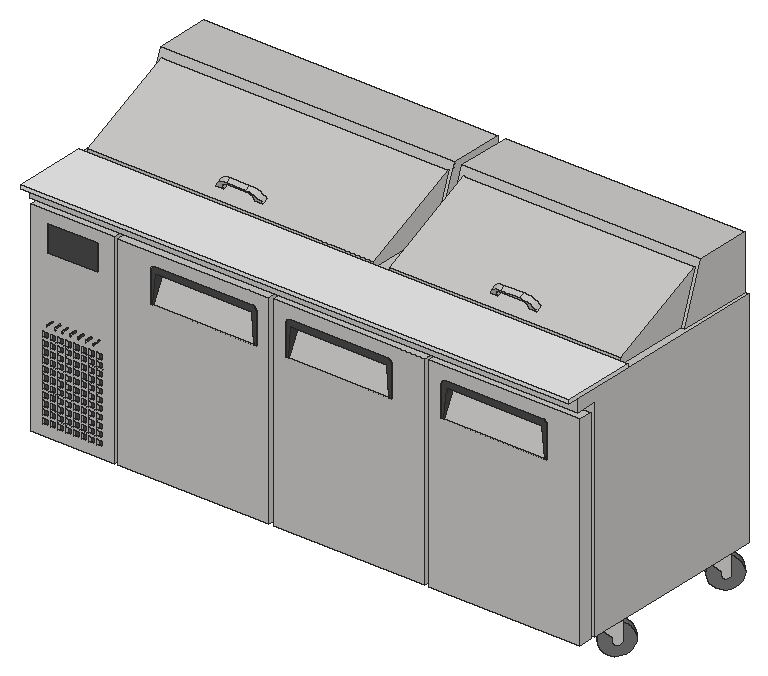
Revit family "QF_Turbo Air_JST-72", category Specialty Equipment, Revit 2012
Parameters
  Weight in Pounds = 275
  Watermarked By = "http://revitwatermark.com"
  Volts = 115 V
  URL Cutsheet = ""
  URL = "www.turboairinc.com"
  Status [instance] = ""
  Specification by User [instance] = ""
  Specification by Manufacturer [instance] = ""
  Serial Number [instance] = ""
  Revision Code [instance] = ""
  Phase = 1
  Number of Poles [instance] = 1
  NAFEM Spec ID Number [instance] = ""
  Model = "JST-72"
  Masterspec [instance] = ""
  Manufacturer = "Turbo Air"  # constant formula
  Legs [instance] = [6 inch Legs]  # no
  Item Number [instance] = "-"
  Installed By [instance] = ""
  HP = "1/4"
  Furnished By [instance] = ""
  Foodservice Equipment Identifier = yes
  FL Amps = 4.8 A
  Electrical Remarks [instance] = ""
  Electric Connection Type [instance] = ""
  Elec Conn RI Height [instance] = 0' - 0"
  Elec Conn Connection Height = 1' - 0"
  Description = "Sandwich/Salad Unit"
  Cycle = 60 Hz
  Conn Plug = "NEMA 5-15P"
  Casters [instance] = not(Legs)  # yes
  CasterLeg Height [instance] = if([4 inch Casters], 0' 5", if([5 inch Casters], 0' 5 3/4", if([2_5 inch Casters], 0' 3 3/8", 0' 6")))  # 0' - 5"
  CSI MasterFormat = "11 41 13"
  Assembly Code = "E1090320"
  Apparent Power = if(Phase = 3, Volts * FL Amps * 1.73, Volts * FL Amps)  # 552 VA
  6 inch Legs [instance] = no
  5 inch Casters [instance] = no
  4 inch Casters [instance] = yes
  2_5 inch Casters [instance] = no
Reference planes (in)
  plane 1 "BACK": y = 0
  plane 2: z = 0
  plane 3 "LEFT": x = -20.72594
  plane 4 "Bottom": z = 5
  plane 5 "Back Stops": y = 1
  plane 6 "RIGHT": x = 50.14906
  plane 7 "Front of Lid": y = -19.375
  plane 8 "FRONT": y = -29
  plane 9 "Door Clearance": y = -45.125
  plane 10 "Back of Door": y = -25.4375
  plane 11 "Front of Box": y = -24.75
  plane 12 "Counter Top": z = 33.75
  plane 13 "TOP": z = 40.75
  plane 14 "Top of Door": z = 31.25
  plane 15 "Bottom of Cutting Board": z = 33.25
  plane 16 "Left Handle LR": x = -1.22594
  plane 17 "Lid Clearance": z = 44.25
  plane 18 "Left Lid Cover": x = -20.22594
  plane 19 "Right of Right Lid Cover": x = 49.64906
  plane 20 "Left of Left Lid": x = -19.72594
  plane 21 "Right of Right Lid": x = 49.14906
  plane 22 "Front of Doors": y = -27.25
  plane 23 "Front of Ledge": y = -27.5
  plane 24 "Left of Right Door": x = 30.64906
  plane 25 "Right of Grill": x = -9.97594
  plane 26 "Right of Left Door": x = 10.02406
  plane 27 "Left of Left Door": x = -9.47594
  plane 28: x = 10.58656
  plane 29: x = 30.08656
  plane 30 "Left of Right Lid Cover": x = 18.77406
  plane 31 "Left of Right Lid": x = 19.27406
  plane 32 "Right of Left Lid Cover": x = 17.77406
  plane 33 "Right of Left Lid": x = 17.27406
  plane 34 "Right Handle LR": x = 34.21156
  plane 35: x = 14.71156
Forms (in)
  Extrusion 1, solid, material "QF_Finishes_Stainless Steel"
    sketch origin (-20.72594, 0, 0) x (0, 1, 0) y (0, 0, 1)
      loop
        line (0, 5) -> (0, 33.75) -> (-27.5, 33.75) -> (-27.5, 32.125) -> (-24.75, 32.125) -> (-24.75, 5) -> (0, 5)
    from 0 to 70.875
  Extrusion 2, solid, material "QF_Finishes_Black"
    sketch origin (0, -24.75, 0) x (1, 0, 0) y (0, 0, 1)
      loop
        line (49.14906, 6) -> (49.14906, 30.25) -> (31.64906, 30.25) -> (31.64906, 6) -> (49.14906, 6)
      loop
        line (9.02406, 6) -> (9.02406, 30.25) -> (-8.47594, 30.25) -> (-8.47594, 6) -> (9.02406, 6)
      loop
        line (29.08656, 6) -> (29.08656, 30.25) -> (11.58656, 30.25) -> (11.58656, 6) -> (29.08656, 6)
    from 0 to 0.6875
  Extrusion 3, solid, material "QF_Finishes_Stainless Steel"
    sketch origin (-20.22594, 0, 0) x (0, 1, 0) y (0, 0, 1)
      loop
        line (0, 33.75) -> (0, 40.75) -> (-7, 40.75) -> (-9.625, 33.75) -> (0, 33.75)
    from 0 to 38
  Extrusion 4, solid, material "QF_Finishes_Stainless Steel"
    sketch origin (-19.72594, 0, 0) x (0, 1, 0) y (0, 0, 1)
      loop
        line (-19.375, 33.75) -> (-9.625, 33.75) -> (-7.35112, 39.81367) -> (-19.375, 34.5) -> (-19.375, 33.75)
    from 0 to 37
  Extrusion 5, solid, material "QF_Finishes_Stainless Steel"
    sketch origin (-8.25, -1.41062, -1.44965) x (1, 0, 0) y (0, -0.404214, 0.914664)
      loop
        line (9.02406, 40.14331) -> (10.02406, 40.14331)
        arc (10.02406, 40.14331) -> (9.34935, 41.04872) -> (8.27406, 41.39331) r 1.85
        line (8.27406, 41.39331) -> (5.77406, 41.39331)
        arc (5.77406, 41.39331) -> (4.69877, 41.04872) -> (4.02406, 40.14331) r 1.85
        line (4.02406, 40.14331) -> (5.02406, 40.14331) -> (5.02406, 40.64331)
        arc (5.02406, 40.64331) -> (5.17051, 40.99687) -> (5.52406, 41.14331) r 0.5
        line (5.52406, 41.14331) -> (8.52406, 41.14331)
        arc (8.52406, 41.14331) -> (8.87761, 40.99687) -> (9.02406, 40.64331) r 0.5
        line (9.02406, 40.64331) -> (9.02406, 40.14331)
    from -0.375 to 0.375
  Extrusion 6, solid, material "QF_Finishes_Black"
    sketch origin (0, 0, 0) x (1, 0, 0) y (0, 0, 1)
      loop
        circle (-14.60094, 28.9375) r 0.5
      loop
        circle (44.02406, 28.9375) r 0.5
    from 0 to -1
  Extrusion 7, solid, material "QF_Finishes_Stainless Steel"
    sketch origin (0, 0, 0) x (1, 0, 0) y (0, 0, 1)
      loop
        circle (-15.35094, 11.125) r 0.25
    from 0 to -0.0625
  Extrusion 8, solid, material "QF_Finishes_White"
    sketch origin (-20.72594, 0, 0) x (0, 1, 0) y (0, 0, 1)
      loop
        line (-29, 33.75) -> (-19.5, 33.75) -> (-19.5, 34.25) -> (-29, 34.25) -> (-29, 33.75)
    from 0 to 70.875
  Extrusion 9, solid, material "QF_Finishes_Black"
    sketch origin (0, -24.75, 0) x (1, 0, 0) y (0, 0, 1)
      loop
        line (-19.72594, 5.875) -> (-10.97594, 5.875) -> (-10.97594, 19.125) -> (-19.72594, 19.125) -> (-19.72594, 5.875)
    from 0 to 2.25
  Extrusion 10, solid, material "QF_Finishes_Black"
    sketch origin (0, -24.75, 0) x (1, 0, 0) y (0, 0, 1)
      loop
        line (-18.53844, 29.75) -> (-18.53844, 26.375) -> (-12.16344, 26.375) -> (-12.16344, 29.75) -> (-18.53844, 29.75)
    from 0 to 2.5
  Extrusion 11, solid, material "QF_Finishes_Clearances", detail levels coarse
    sketch origin (-19.72594, -45.5054, 27.72023) x (0, -0.052336, -0.99863) y (0, 0.99863, -0.052336)
      loop
        arc (-18.37637, 34.9584) -> (-15.16645, 28.22865) -> (-8.13804, 25.73976) r 9.74183
        line (-8.13804, 25.73976) -> (-14.0674, 37.45659) -> (-18.37637, 35.55234) -> (-18.37637, 34.9584)
    from 0 to 37
  Extrusion 12, solid, material "QF_Finishes_Stainless Steel"
    sketch origin (18.77406, 0, 0) x (0, 1, 0) y (0, 0, 1)
      loop
        line (0, 33.75) -> (0, 40.75) -> (-7, 40.75) -> (-9.625, 33.75) -> (0, 33.75)
    from 0 to 30.875
  Extrusion 13, solid, material "QF_Finishes_Stainless Steel"
    sketch origin (19.27406, 0, 0) x (0, 1, 0) y (0, 0, 1)
      loop
        line (-19.375, 33.75) -> (-9.625, 33.75) -> (-7.35112, 39.81367) -> (-19.375, 34.5) -> (-19.375, 33.75)
    from 0 to 29.875
  Extrusion 14, solid, material "QF_Finishes_Clearances", detail levels coarse
    sketch origin (19.27406, 0, 0) x (0, 1, 0) y (0, 0, 1)
      loop
        arc (-9.63317, 44.24183) -> (-16.52168, 41.38852) -> (-19.375, 34.5) r 9.74183
        line (-19.375, 34.5) -> (-7.36391, 39.80802) -> (-9.04004, 44.21075) -> (-9.63317, 44.24183)
    from 0 to 29.875
  Extrusion 15, solid, material "QF_Finishes_Stainless Steel"
    sketch origin (27.1875, -1.41062, -1.44965) x (1, 0, 0) y (0, -0.404214, 0.914664)
      loop
        line (9.02406, 40.14331) -> (10.02406, 40.14331)
        arc (10.02406, 40.14331) -> (9.34935, 41.04872) -> (8.27406, 41.39331) r 1.85
        line (8.27406, 41.39331) -> (5.77406, 41.39331)
        arc (5.77406, 41.39331) -> (4.69877, 41.04872) -> (4.02406, 40.14331) r 1.85
        line (4.02406, 40.14331) -> (5.02406, 40.14331) -> (5.02406, 40.64331)
        arc (5.02406, 40.64331) -> (5.17051, 40.99687) -> (5.52406, 41.14331) r 0.5
        line (5.52406, 41.14331) -> (8.52406, 41.14331)
        arc (8.52406, 41.14331) -> (8.87761, 40.99687) -> (9.02406, 40.64331) r 0.5
        line (9.02406, 40.64331) -> (9.02406, 40.14331)
    from -0.375 to 0.375
  Extrusion 16, solid, material "QF_Finishes_Stainless Steel"
    sketch origin (0, -24.75, 0) x (1, 0, 0) y (0, 0, 1)
      loop
        line (-20.72594, 31.25) -> (-20.72594, 5) -> (-9.97594, 5) -> (-9.97594, 31.25) -> (-20.72594, 31.25)
      loop
        line (-11.47594, 7.125) -> (-12.22594, 7.125) -> (-12.22594, 6.375) -> (-11.47594, 6.375) -> (-11.47594, 7.125)
      loop
        line (-12.47594, 7.125) -> (-13.22594, 7.125) -> (-13.22594, 6.375) -> (-12.47594, 6.375) -> (-12.47594, 7.125)
      loop
        line (-13.47594, 7.125) -> (-14.22594, 7.125) -> (-14.22594, 6.375) -> (-13.47594, 6.375) -> (-13.47594, 7.125)
      loop
        line (-14.47594, 7.125) -> (-15.22594, 7.125) -> (-15.22594, 6.375) -> (-14.47594, 6.375) -> (-14.47594, 7.125)
      loop
        line (-15.47594, 7.125) -> (-16.22594, 7.125) -> (-16.22594, 6.375) -> (-15.47594, 6.375) -> (-15.47594, 7.125)
      loop
        line (-16.47594, 7.125) -> (-17.22594, 7.125) -> (-17.22594, 6.375) -> (-16.47594, 6.375) -> (-16.47594, 7.125)
      loop
        line (-17.47594, 7.125) -> (-18.22594, 7.125) -> (-18.22594, 6.375) -> (-17.47594, 6.375) -> (-17.47594, 7.125)
      loop
        line (-18.47594, 7.125) -> (-19.22594, 7.125) -> (-19.22594, 6.375) -> (-18.47594, 6.375) -> (-18.47594, 7.125)
      loop
        line (-11.47594, 8.125) -> (-12.22594, 8.125) -> (-12.22594, 7.375) -> (-11.47594, 7.375) -> (-11.47594, 8.125)
      loop
        line (-12.47594, 8.125) -> (-13.22594, 8.125) -> (-13.22594, 7.375) -> (-12.47594, 7.375) -> (-12.47594, 8.125)
      loop
        line (-13.47594, 8.125) -> (-14.22594, 8.125) -> (-14.22594, 7.375) -> (-13.47594, 7.375) -> (-13.47594, 8.125)
      loop
        line (-14.47594, 8.125) -> (-15.22594, 8.125) -> (-15.22594, 7.375) -> (-14.47594, 7.375) -> (-14.47594, 8.125)
      loop
        line (-15.47594, 8.125) -> (-16.22594, 8.125) -> (-16.22594, 7.375) -> (-15.47594, 7.375) -> (-15.47594, 8.125)
      loop
        line (-16.47594, 8.125) -> (-17.22594, 8.125) -> (-17.22594, 7.375) -> (-16.47594, 7.375) -> (-16.47594, 8.125)
      loop
        line (-17.47594, 8.125) -> (-18.22594, 8.125) -> (-18.22594, 7.375) -> (-17.47594, 7.375) -> (-17.47594, 8.125)
      loop
        line (-18.47594, 8.125) -> (-19.22594, 8.125) -> (-19.22594, 7.375) -> (-18.47594, 7.375) -> (-18.47594, 8.125)
      loop
        line (-11.47594, 9.125) -> (-12.22594, 9.125) -> (-12.22594, 8.375) -> (-11.47594, 8.375) -> (-11.47594, 9.125)
      loop
        line (-12.47594, 9.125) -> (-13.22594, 9.125) -> (-13.22594, 8.375) -> (-12.47594, 8.375) -> (-12.47594, 9.125)
      loop
        line (-13.47594, 9.125) -> (-14.22594, 9.125) -> (-14.22594, 8.375) -> (-13.47594, 8.375) -> (-13.47594, 9.125)
      loop
        line (-14.47594, 9.125) -> (-15.22594, 9.125) -> (-15.22594, 8.375) -> (-14.47594, 8.375) -> (-14.47594, 9.125)
      loop
        line (-15.47594, 9.125) -> (-16.22594, 9.125) -> (-16.22594, 8.375) -> (-15.47594, 8.375) -> (-15.47594, 9.125)
      loop
        line (-16.47594, 9.125) -> (-17.22594, 9.125) -> (-17.22594, 8.375) -> (-16.47594, 8.375) -> (-16.47594, 9.125)
      loop
        line (-17.47594, 9.125) -> (-18.22594, 9.125) -> (-18.22594, 8.375) -> (-17.47594, 8.375) -> (-17.47594, 9.125)
      loop
        line (-18.47594, 9.125) -> (-19.22594, 9.125) -> (-19.22594, 8.375) -> (-18.47594, 8.375) -> (-18.47594, 9.125)
      loop
        line (-11.47594, 10.125) -> (-12.22594, 10.125) -> (-12.22594, 9.375) -> (-11.47594, 9.375) -> (-11.47594, 10.125)
      loop
        line (-12.47594, 10.125) -> (-13.22594, 10.125) -> (-13.22594, 9.375) -> (-12.47594, 9.375) -> (-12.47594, 10.125)
      loop
        line (-13.47594, 10.125) -> (-14.22594, 10.125) -> (-14.22594, 9.375) -> (-13.47594, 9.375) -> (-13.47594, 10.125)
      loop
        line (-14.47594, 10.125) -> (-15.22594, 10.125) -> (-15.22594, 9.375) -> (-14.47594, 9.375) -> (-14.47594, 10.125)
      loop
        line (-15.47594, 10.125) -> (-16.22594, 10.125) -> (-16.22594, 9.375) -> (-15.47594, 9.375) -> (-15.47594, 10.125)
      loop
        line (-16.47594, 10.125) -> (-17.22594, 10.125) -> (-17.22594, 9.375) -> (-16.47594, 9.375) -> (-16.47594, 10.125)
      loop
        line (-17.47594, 10.125) -> (-18.22594, 10.125) -> (-18.22594, 9.375) -> (-17.47594, 9.375) -> (-17.47594, 10.125)
      loop
        line (-18.47594, 10.125) -> (-19.22594, 10.125) -> (-19.22594, 9.375) -> (-18.47594, 9.375) -> (-18.47594, 10.125)
      loop
        line (-11.47594, 11.125) -> (-12.22594, 11.125) -> (-12.22594, 10.375) -> (-11.47594, 10.375) -> (-11.47594, 11.125)
      loop
        line (-12.47594, 11.125) -> (-13.22594, 11.125) -> (-13.22594, 10.375) -> (-12.47594, 10.375) -> (-12.47594, 11.125)
      loop
        line (-13.47594, 11.125) -> (-14.22594, 11.125) -> (-14.22594, 10.375) -> (-13.47594, 10.375) -> (-13.47594, 11.125)
      loop
        line (-14.47594, 11.125) -> (-15.22594, 11.125) -> (-15.22594, 10.375) -> (-14.47594, 10.375) -> (-14.47594, 11.125)
      loop
        line (-15.47594, 11.125) -> (-16.22594, 11.125) -> (-16.22594, 10.375) -> (-15.47594, 10.375) -> (-15.47594, 11.125)
      loop
        line (-16.47594, 11.125) -> (-17.22594, 11.125) -> (-17.22594, 10.375) -> (-16.47594, 10.375) -> (-16.47594, 11.125)
      loop
        line (-17.47594, 11.125) -> (-18.22594, 11.125) -> (-18.22594, 10.375) -> (-17.47594, 10.375) -> (-17.47594, 11.125)
      loop
        line (-18.47594, 11.125) -> (-19.22594, 11.125) -> (-19.22594, 10.375) -> (-18.47594, 10.375) -> (-18.47594, 11.125)
      loop
        line (-11.47594, 12.125) -> (-12.22594, 12.125) -> (-12.22594, 11.375) -> (-11.47594, 11.375) -> (-11.47594, 12.125)
      loop
        line (-12.47594, 12.125) -> (-13.22594, 12.125) -> (-13.22594, 11.375) -> (-12.47594, 11.375) -> (-12.47594, 12.125)
      loop
        line (-13.47594, 12.125) -> (-14.22594, 12.125) -> (-14.22594, 11.375) -> (-13.47594, 11.375) -> (-13.47594, 12.125)
      loop
        line (-14.47594, 12.125) -> (-15.22594, 12.125) -> (-15.22594, 11.375) -> (-14.47594, 11.375) -> (-14.47594, 12.125)
      loop
        line (-15.47594, 12.125) -> (-16.22594, 12.125) -> (-16.22594, 11.375) -> (-15.47594, 11.375) -> (-15.47594, 12.125)
      loop
        line (-16.47594, 12.125) -> (-17.22594, 12.125) -> (-17.22594, 11.375) -> (-16.47594, 11.375) -> (-16.47594, 12.125)
      loop
        line (-17.47594, 12.125) -> (-18.22594, 12.125) -> (-18.22594, 11.375) -> (-17.47594, 11.375) -> (-17.47594, 12.125)
      loop
        line (-18.47594, 12.125) -> (-19.22594, 12.125) -> (-19.22594, 11.375) -> (-18.47594, 11.375) -> (-18.47594, 12.125)
      loop
        line (-11.47594, 13.125) -> (-12.22594, 13.125) -> (-12.22594, 12.375) -> (-11.47594, 12.375) -> (-11.47594, 13.125)
      loop
        line (-12.47594, 13.125) -> (-13.22594, 13.125) -> (-13.22594, 12.375) -> (-12.47594, 12.375) -> (-12.47594, 13.125)
      loop
        line (-13.47594, 13.125) -> (-14.22594, 13.125) -> (-14.22594, 12.375) -> (-13.47594, 12.375) -> (-13.47594, 13.125)
      loop
        line (-14.47594, 13.125) -> (-15.22594, 13.125) -> (-15.22594, 12.375) -> (-14.47594, 12.375) -> (-14.47594, 13.125)
      loop
        line (-15.47594, 13.125) -> (-16.22594, 13.125) -> (-16.22594, 12.375) -> (-15.47594, 12.375) -> (-15.47594, 13.125)
      loop
        line (-16.47594, 13.125) -> (-17.22594, 13.125) -> (-17.22594, 12.375) -> (-16.47594, 12.375) -> (-16.47594, 13.125)
      loop
        line (-17.47594, 13.125) -> (-18.22594, 13.125) -> (-18.22594, 12.375) -> (-17.47594, 12.375) -> (-17.47594, 13.125)
      loop
        line (-18.47594, 13.125) -> (-19.22594, 13.125) -> (-19.22594, 12.375) -> (-18.47594, 12.375) -> (-18.47594, 13.125)
      loop
        line (-11.47594, 14.125) -> (-12.22594, 14.125) -> (-12.22594, 13.375) -> (-11.47594, 13.375) -> (-11.47594, 14.125)
      loop
        line (-12.47594, 14.125) -> (-13.22594, 14.125) -> (-13.22594, 13.375) -> (-12.47594, 13.375) -> (-12.47594, 14.125)
      loop
        line (-13.47594, 14.125) -> (-14.22594, 14.125) -> (-14.22594, 13.375) -> (-13.47594, 13.375) -> (-13.47594, 14.125)
      loop
        line (-14.47594, 14.125) -> (-15.22594, 14.125) -> (-15.22594, 13.375) -> (-14.47594, 13.375) -> (-14.47594, 14.125)
      loop
        line (-15.47594, 14.125) -> (-16.22594, 14.125) -> (-16.22594, 13.375) -> (-15.47594, 13.375) -> (-15.47594, 14.125)
      loop
        line (-16.47594, 14.125) -> (-17.22594, 14.125) -> (-17.22594, 13.375) -> (-16.47594, 13.375) -> (-16.47594, 14.125)
      loop
        line (-17.47594, 14.125) -> (-18.22594, 14.125) -> (-18.22594, 13.375) -> (-17.47594, 13.375) -> (-17.47594, 14.125)
      loop
        line (-18.47594, 14.125) -> (-19.22594, 14.125) -> (-19.22594, 13.375) -> (-18.47594, 13.375) -> (-18.47594, 14.125)
      loop
        line (-11.47594, 15.125) -> (-12.22594, 15.125) -> (-12.22594, 14.375) -> (-11.47594, 14.375) -> (-11.47594, 15.125)
      loop
        line (-12.47594, 15.125) -> (-13.22594, 15.125) -> (-13.22594, 14.375) -> (-12.47594, 14.375) -> (-12.47594, 15.125)
      loop
        line (-13.47594, 15.125) -> (-14.22594, 15.125) -> (-14.22594, 14.375) -> (-13.47594, 14.375) -> (-13.47594, 15.125)
      loop
        line (-14.47594, 15.125) -> (-15.22594, 15.125) -> (-15.22594, 14.375) -> (-14.47594, 14.375) -> (-14.47594, 15.125)
      loop
        line (-15.47594, 15.125) -> (-16.22594, 15.125) -> (-16.22594, 14.375) -> (-15.47594, 14.375) -> (-15.47594, 15.125)
      loop
        line (-16.47594, 15.125) -> (-17.22594, 15.125) -> (-17.22594, 14.375) -> (-16.47594, 14.375) -> (-16.47594, 15.125)
      loop
        line (-17.47594, 15.125) -> (-18.22594, 15.125) -> (-18.22594, 14.375) -> (-17.47594, 14.375) -> (-17.47594, 15.125)
      loop
        line (-18.47594, 15.125) -> (-19.22594, 15.125) -> (-19.22594, 14.375) -> (-18.47594, 14.375) -> (-18.47594, 15.125)
      loop
        line (-11.47594, 16.125) -> (-12.22594, 16.125) -> (-12.22594, 15.375) -> (-11.47594, 15.375) -> (-11.47594, 16.125)
      loop
        line (-12.47594, 16.125) -> (-13.22594, 16.125) -> (-13.22594, 15.375) -> (-12.47594, 15.375) -> (-12.47594, 16.125)
      loop
        line (-13.47594, 16.125) -> (-14.22594, 16.125) -> (-14.22594, 15.375) -> (-13.47594, 15.375) -> (-13.47594, 16.125)
      loop
        line (-14.47594, 16.125) -> (-15.22594, 16.125) -> (-15.22594, 15.375) -> (-14.47594, 15.375) -> (-14.47594, 16.125)
      loop
        line (-15.47594, 16.125) -> (-16.22594, 16.125) -> (-16.22594, 15.375) -> (-15.47594, 15.375) -> (-15.47594, 16.125)
      loop
        line (-16.47594, 16.125) -> (-17.22594, 16.125) -> (-17.22594, 15.375) -> (-16.47594, 15.375) -> (-16.47594, 16.125)
      loop
        line (-17.47594, 16.125) -> (-18.22594, 16.125) -> (-18.22594, 15.375) -> (-17.47594, 15.375) -> (-17.47594, 16.125)
      loop
        line (-18.47594, 16.125) -> (-19.22594, 16.125) -> (-19.22594, 15.375) -> (-18.47594, 15.375) -> (-18.47594, 16.125)
      loop
        line (-11.47594, 17.125) -> (-12.22594, 17.125) -> (-12.22594, 16.375) -> (-11.47594, 16.375) -> (-11.47594, 17.125)
      loop
        line (-12.47594, 17.125) -> (-13.22594, 17.125) -> (-13.22594, 16.375) -> (-12.47594, 16.375) -> (-12.47594, 17.125)
      loop
        line (-13.47594, 17.125) -> (-14.22594, 17.125) -> (-14.22594, 16.375) -> (-13.47594, 16.375) -> (-13.47594, 17.125)
      loop
        line (-14.47594, 17.125) -> (-15.22594, 17.125) -> (-15.22594, 16.375) -> (-14.47594, 16.375) -> (-14.47594, 17.125)
      loop
        line (-15.47594, 17.125) -> (-16.22594, 17.125) -> (-16.22594, 16.375) -> (-15.47594, 16.375) -> (-15.47594, 17.125)
      loop
        line (-16.47594, 17.125) -> (-17.22594, 17.125) -> (-17.22594, 16.375) -> (-16.47594, 16.375) -> (-16.47594, 17.125)
      loop
        line (-17.47594, 17.125) -> (-18.22594, 17.125) -> (-18.22594, 16.375) -> (-17.47594, 16.375) -> (-17.47594, 17.125)
      loop
        line (-18.47594, 17.125) -> (-19.22594, 17.125) -> (-19.22594, 16.375) -> (-18.47594, 16.375) -> (-18.47594, 17.125)
      loop
        arc (-14.68933, 17.96339) -> (-14.68933, 17.78661) -> (-14.51255, 17.78661) r 0.125
        line (-14.51255, 17.78661) -> (-13.80544, 18.49372)
        arc (-13.80544, 18.49372) -> (-13.80544, 18.6705) -> (-13.98222, 18.6705) r 0.125
        line (-13.98222, 18.6705) -> (-14.68933, 17.96339)
      loop
        arc (-13.68933, 17.96339) -> (-13.68933, 17.78661) -> (-13.51255, 17.78661) r 0.125
        line (-13.51255, 17.78661) -> (-12.80544, 18.49372)
        arc (-12.80544, 18.49372) -> (-12.80544, 18.6705) -> (-12.98222, 18.6705) r 0.125
        line (-12.98222, 18.6705) -> (-13.68933, 17.96339)
      loop
        arc (-12.68933, 17.96339) -> (-12.68933, 17.78661) -> (-12.51255, 17.78661) r 0.125
        line (-12.51255, 17.78661) -> (-11.80544, 18.49372)
        arc (-11.80544, 18.49372) -> (-11.80544, 18.6705) -> (-11.98222, 18.6705) r 0.125
        line (-11.98222, 18.6705) -> (-12.68933, 17.96339)
      loop
        arc (-17.68933, 17.96339) -> (-17.68933, 17.78661) -> (-17.51255, 17.78661) r 0.125
        line (-17.51255, 17.78661) -> (-16.80544, 18.49372)
        arc (-16.80544, 18.49372) -> (-16.80544, 18.6705) -> (-16.98222, 18.6705) r 0.125
        line (-16.98222, 18.6705) -> (-17.68933, 17.96339)
      loop
        arc (-16.68933, 17.96339) -> (-16.68933, 17.78661) -> (-16.51255, 17.78661) r 0.125
        line (-16.51255, 17.78661) -> (-15.80544, 18.49372)
        arc (-15.80544, 18.49372) -> (-15.80544, 18.6705) -> (-15.98222, 18.6705) r 0.125
        line (-15.98222, 18.6705) -> (-16.68933, 17.96339)
      loop
        arc (-15.68933, 17.96339) -> (-15.68933, 17.78661) -> (-15.51255, 17.78661) r 0.125
        line (-15.51255, 17.78661) -> (-14.80544, 18.49372)
        arc (-14.80544, 18.49372) -> (-14.80544, 18.6705) -> (-14.98222, 18.6705) r 0.125
        line (-14.98222, 18.6705) -> (-15.68933, 17.96339)
      loop
        arc (-18.68933, 17.96339) -> (-18.68933, 17.78661) -> (-18.51255, 17.78661) r 0.125
        line (-18.51255, 17.78661) -> (-17.80544, 18.49372)
        arc (-17.80544, 18.49372) -> (-17.80544, 18.6705) -> (-17.98222, 18.6705) r 0.125
        line (-17.98222, 18.6705) -> (-18.68933, 17.96339)
      loop
        line (-12.16344, 29.75) -> (-18.53844, 29.75) -> (-18.53844, 26.375) -> (-12.16344, 26.375) -> (-12.16344, 29.75)
    from 0 to 2.5
Lines and regions (in)
  symbolic lines
    curve 1: line (-20.72594, 0, 33.75) -> (50.14906, 0, 33.75)
    curve 2: line (-20.72594, -29, 33.75) -> (-20.72594, 0, 33.75)
    curve 3: line (50.14906, -29, 33.75) -> (-20.72594, -29, 33.75)
    curve 4: line (50.14906, 0, 33.75) -> (50.14906, -29, 33.75)
    curve 5: line (-20.72594, -19.375, 33.75) -> (50.14906, -19.375, 33.75)
    curve 6: line (43.52406, 1, 33.75) -> (44.52406, 1, 33.75)
    curve 7: line (-15.10094, 1, 33.75) -> (-14.10094, 1, 33.75)
    curve 8: line (-15.10094, 1, 33.75) -> (-15.10094, 0, 33.75)
    curve 9: line (-14.10094, 1, 33.75) -> (-14.10094, 0, 33.75)
    curve 10: line (43.52406, 1, 33.75) -> (43.52406, 0, 33.75)
    curve 11: line (44.52406, 1, 33.75) -> (44.52406, 0, 33.75)
    curve 12: line (-3.22594, -17.29413, 33.75) -> (-4.22594, -17.29413, 33.75)
    curve 13: line (-4.22594, -17.29413, 33.75) -> (-4.22594, -17.98928, 33.75)
    curve 14: line (-3.22594, -17.51065, 33.75) -> (-3.22594, -17.29413, 33.75)
    curve 15: line (-0.56102, -18.4854, 33.75) -> (-2.46367, -18.4854, 33.75)
    curve 16: line (-0.31102, -17.69835, 33.75) -> (-2.71981, -17.69835, 33.75)
    curve 17: line (0.77406, -17.29413, 33.75) -> (0.77406, -17.48183, 33.75)
    curve 18: line (1.77406, -17.29413, 33.75) -> (0.77406, -17.29413, 33.75)
    curve 19: line (1.77406, -17.98928, 33.75) -> (1.77406, -17.29413, 33.75)
    curve 20: spline (1.77406, -17.98928, 33.75) -> (1.68701, -18.05904, 33.75) -> (1.57427, -18.12576, 33.75) -> (1.43714, -18.18867, 33.75) -> (1.27719, -18.24707, 33.75) -> (1.09623, -18.30027, 33.75) -> (0.89634, -18.34768, 33.75) -> (0.6798, -18.38874, 33.75) -> (0.44909, -18.42301, 33.75) -> (0.20683, -18.45007, 33.75) -> (-0.04419, -18.46962, 33.75) -> (-0.30112, -18.48144, 33.75) -> (-0.56102, -18.4854, 33.75)
    curve 21: spline (-2.71981, -17.69835, 33.75) -> (-2.78587, -17.69674, 33.75) -> (-2.8508, -17.69195, 33.75) -> (-2.9135, -17.68406, 33.75) -> (-2.97287, -17.6732, 33.75) -> (-3.02792, -17.65956, 33.75) -> (-3.0777, -17.64337, 33.75) -> (-3.12135, -17.62491, 33.75) -> (-3.15813, -17.6045, 33.75) -> (-3.18741, -17.58248, 33.75) -> (-3.20869, -17.55923, 33.75) -> (-3.22161, -17.53515, 33.75) -> (-3.22594, -17.51065, 33.75)
    curve 22: spline (0.77406, -17.48183, 33.75) -> (0.76478, -17.5101, 33.75) -> (0.73709, -17.53787, 33.75) -> (0.69146, -17.56469, 33.75) -> (0.62869, -17.59009, 33.75) -> (0.54983, -17.61364, 33.75) -> (0.45625, -17.63493, 33.75) -> (0.34954, -17.65361, 33.75) -> (0.23152, -17.66934, 33.75) -> (0.10422, -17.68187, 33.75) -> (-0.03018, -17.69097, 33.75) -> (-0.16939, -17.6965, 33.75) -> (-0.31102, -17.69835, 33.75)
    curve 23: spline (-2.46367, -18.4854, 33.75) -> (-2.65982, -18.48144, 33.75) -> (-2.85372, -18.46962, 33.75) -> (-3.04317, -18.45007, 33.75) -> (-3.22599, -18.42301, 33.75) -> (-3.40011, -18.38874, 33.75) -> (-3.56353, -18.34768, 33.75) -> (-3.71439, -18.30027, 33.75) -> (-3.85095, -18.24707, 33.75) -> (-3.97167, -18.18867, 33.75) -> (-4.07516, -18.12576, 33.75) -> (-4.16024, -18.05904, 33.75) -> (-4.22594, -17.98928, 33.75)
    curve 24: line (-20.22594, 0, 33.75) -> (-20.22594, -9.625, 33.75)
    curve 25: line (17.77406, -9.625, 33.75) -> (17.77406, 0, 33.75)
    curve 26: line (-20.22594, -7, 33.75) -> (17.77406, -7, 33.75)
    curve 27: line (-19.72594, -7, 33.75) -> (-19.72594, -19.375, 33.75)
    curve 28: line (49.14906, -19.375, 33.75) -> (49.14906, -7, 33.75)
    curve 30: line (49.64906, -7, 33.75) -> (18.77406, -7, 33.75)
    curve 31: line (-19.72594, -9.625, 33.75) -> (-20.22594, -9.625, 33.75)
    curve 67: line (32.21156, -17.29413, 33.75) -> (31.21156, -17.29413, 33.75)
    curve 68: line (31.21156, -17.29413, 33.75) -> (31.21156, -17.98928, 33.75)
    curve 69: line (32.21156, -17.51065, 33.75) -> (32.21156, -17.29413, 33.75)
    curve 70: line (34.87648, -18.4854, 33.75) -> (32.97383, -18.4854, 33.75)
    curve 71: line (35.12648, -17.69835, 33.75) -> (32.71769, -17.69835, 33.75)
    curve 72: line (36.21156, -17.29413, 33.75) -> (36.21156, -17.48183, 33.75)
    curve 73: line (37.21156, -17.29413, 33.75) -> (36.21156, -17.29413, 33.75)
    curve 74: line (37.21156, -17.98928, 33.75) -> (37.21156, -17.29413, 33.75)
    curve 75: spline (37.21156, -17.98928, 33.75) -> (37.12451, -18.05904, 33.75) -> (37.01177, -18.12576, 33.75) -> (36.87464, -18.18867, 33.75) -> (36.71469, -18.24707, 33.75) -> (36.53373, -18.30027, 33.75) -> (36.33384, -18.34768, 33.75) -> (36.1173, -18.38874, 33.75) -> (35.88659, -18.42301, 33.75) -> (35.64433, -18.45007, 33.75) -> (35.39331, -18.46962, 33.75) -> (35.13638, -18.48144, 33.75) -> (34.87648, -18.4854, 33.75)
    curve 76: spline (32.71769, -17.69835, 33.75) -> (32.65163, -17.69674, 33.75) -> (32.5867, -17.69195, 33.75) -> (32.524, -17.68406, 33.75) -> (32.46463, -17.6732, 33.75) -> (32.40958, -17.65956, 33.75) -> (32.3598, -17.64337, 33.75) -> (32.31615, -17.62491, 33.75) -> (32.27937, -17.6045, 33.75) -> (32.25009, -17.58248, 33.75) -> (32.22881, -17.55923, 33.75) -> (32.21589, -17.53515, 33.75) -> (32.21156, -17.51065, 33.75)
    curve 77: spline (36.21156, -17.48183, 33.75) -> (36.20228, -17.5101, 33.75) -> (36.17459, -17.53787, 33.75) -> (36.12896, -17.56469, 33.75) -> (36.06619, -17.59009, 33.75) -> (35.98733, -17.61364, 33.75) -> (35.89375, -17.63493, 33.75) -> (35.78704, -17.65361, 33.75) -> (35.66902, -17.66934, 33.75) -> (35.54172, -17.68187, 33.75) -> (35.40732, -17.69097, 33.75) -> (35.26811, -17.6965, 33.75) -> (35.12648, -17.69835, 33.75)
    curve 78: spline (32.97383, -18.4854, 33.75) -> (32.77768, -18.48144, 33.75) -> (32.58378, -18.46962, 33.75) -> (32.39433, -18.45007, 33.75) -> (32.21151, -18.42301, 33.75) -> (32.03739, -18.38874, 33.75) -> (31.87397, -18.34768, 33.75) -> (31.72311, -18.30027, 33.75) -> (31.58655, -18.24707, 33.75) -> (31.46583, -18.18867, 33.75) -> (31.36234, -18.12576, 33.75) -> (31.27726, -18.05904, 33.75) -> (31.21156, -17.98928, 33.75)
    curve 193: line (17.77406, -9.625, 33.75) -> (17.27406, -9.625, 33.75)
    curve 194: line (17.27406, -19.375, 33.75) -> (17.27406, -7, 33.75)
    curve 195: line (19.27406, -9.625, 33.75) -> (18.77406, -9.625, 33.75)
    curve 196: line (18.77406, -9.625, 33.75) -> (18.77406, 0, 33.75)
    curve 197: line (19.27406, -7, 33.75) -> (19.27406, -19.375, 33.75)
    curve 198: line (49.14906, -9.625, 33.75) -> (49.64906, -9.625, 33.75)
    curve 199: line (49.64906, -9.625, 33.75) -> (49.64906, 0, 33.75)
  symbolic lines, style "QF_Clearances", detail levels coarse
    curve 29: line (50.14906, -29, 33.75) -> (50.14906, -45.125, 33.75)
    curve 32: arc (50.14906, -45.125, 33.75) -> (37.63048, -40.55698, 33.75) -> (30.99589, -29, 33.75) r 19.4375
    curve 33: line (-9.47594, -29, 33.75) -> (-9.47594, -45.125, 33.75)
    curve 34: arc (-9.47594, -45.125, 33.75) -> (3.04264, -40.55698, 33.75) -> (9.67723, -29, 33.75) r 19.4375
    curve 79: line (30.08656, -29, 33.75) -> (30.08656, -45.125, 33.75)
    curve 80: arc (30.08656, -45.125, 33.75) -> (17.56798, -40.55698, 33.75) -> (10.93339, -29, 33.75) r 19.4375
  symbolic lines, style "QF_Surface Details"
    curve 35: line (40.70699, -10.41899, 33.75) -> (40.70699, -6.42715, 33.75)
    curve 36: line (34.70699, -10.41899, 33.75) -> (34.70699, -6.42715, 33.75)
    curve 37: line (35.70699, -5.42715, 33.75) -> (39.70699, -5.42715, 33.75)
    curve 38: line (35.70699, -11.41899, 33.75) -> (39.70699, -11.41899, 33.75)
    curve 39: arc (39.70699, -5.42715, 33.75) -> (40.41409, -5.72004, 33.75) -> (40.70699, -6.42715, 33.75) r 1
    curve 40: arc (35.70699, -5.42715, 33.75) -> (34.99988, -5.72004, 33.75) -> (34.70699, -6.42715, 33.75) r 1
    curve 41: arc (34.70699, -10.41899, 33.75) -> (34.99988, -11.12609, 33.75) -> (35.70699, -11.41899, 33.75) r 1
    curve 42: arc (39.70699, -11.41899, 33.75) -> (40.41409, -11.12609, 33.75) -> (40.70699, -10.41899, 33.75) r 1
    curve 43: line (40.70699, -13.41441, 33.75) -> (40.70699, -17.40625, 33.75)
    curve 44: line (34.71156, -13.41899, 33.75) -> (34.71156, -17.41082, 33.75)
    curve 45: line (35.70699, -18.40625, 33.75) -> (39.70699, -18.40625, 33.75)
    curve 46: line (35.71156, -12.41899, 33.75) -> (39.71156, -12.41899, 33.75)
    curve 47: arc (39.70699, -18.40625, 33.75) -> (40.41409, -18.11336, 33.75) -> (40.70699, -17.40625, 33.75) r 1
    curve 48: arc (35.70699, -18.40625, 33.75) -> (35.00311, -18.1147, 33.75) -> (34.71156, -17.41082, 33.75) r 0.99543
    curve 49: arc (34.71156, -13.41899, 33.75) -> (35.00445, -12.71188, 33.75) -> (35.71156, -12.41899, 33.75) r 1
    curve 50: arc (39.71156, -12.41899, 33.75) -> (40.41543, -12.71054, 33.75) -> (40.70699, -13.41441, 33.75) r 0.99543
    curve 51: line (47.70699, -10.41899, 33.75) -> (47.70699, -6.42715, 33.75)
    curve 52: line (41.70699, -10.41899, 33.75) -> (41.70699, -6.42715, 33.75)
    curve 53: line (42.70699, -5.42715, 33.75) -> (46.70699, -5.42715, 33.75)
    curve 54: line (42.70699, -11.41899, 33.75) -> (46.70699, -11.41899, 33.75)
    curve 55: arc (46.70699, -5.42715, 33.75) -> (47.41409, -5.72004, 33.75) -> (47.70699, -6.42715, 33.75) r 1
    curve 56: arc (42.70699, -5.42715, 33.75) -> (41.99988, -5.72004, 33.75) -> (41.70699, -6.42715, 33.75) r 1
    curve 57: arc (41.70699, -10.41899, 33.75) -> (41.99988, -11.12609, 33.75) -> (42.70699, -11.41899, 33.75) r 1
    curve 58: arc (46.70699, -11.41899, 33.75) -> (47.41409, -11.12609, 33.75) -> (47.70699, -10.41899, 33.75) r 1
    curve 59: line (47.70699, -13.41441, 33.75) -> (47.70699, -17.40625, 33.75)
    curve 60: line (41.71156, -13.41899, 33.75) -> (41.71156, -17.41082, 33.75)
    curve 61: line (42.70699, -18.40625, 33.75) -> (46.70699, -18.40625, 33.75)
    curve 62: line (42.71156, -12.41899, 33.75) -> (46.71156, -12.41899, 33.75)
    curve 63: arc (46.70699, -18.40625, 33.75) -> (47.41409, -18.11336, 33.75) -> (47.70699, -17.40625, 33.75) r 1
    curve 64: arc (42.70699, -18.40625, 33.75) -> (42.00311, -18.1147, 33.75) -> (41.71156, -17.41082, 33.75) r 0.99543
    curve 65: arc (41.71156, -13.41899, 33.75) -> (42.00445, -12.71188, 33.75) -> (42.71156, -12.41899, 33.75) r 1
    curve 66: arc (46.71156, -12.41899, 33.75) -> (47.41543, -12.71054, 33.75) -> (47.70699, -13.41441, 33.75) r 0.99543
    curve 81: line (27.71613, -10.41899, 33.75) -> (27.71613, -6.42715, 33.75)
    curve 82: line (33.71613, -10.41899, 33.75) -> (33.71613, -6.42715, 33.75)
    curve 83: line (32.71613, -5.42715, 33.75) -> (28.71613, -5.42715, 33.75)
    curve 84: line (32.71613, -11.41899, 33.75) -> (28.71613, -11.41899, 33.75)
    curve 85: arc (28.71613, -5.42715, 33.75) -> (28.00903, -5.72004, 33.75) -> (27.71613, -6.42715, 33.75) r 1
    curve 86: arc (32.71613, -5.42715, 33.75) -> (33.42324, -5.72004, 33.75) -> (33.71613, -6.42715, 33.75) r 1
    curve 87: arc (33.71613, -10.41899, 33.75) -> (33.42324, -11.12609, 33.75) -> (32.71613, -11.41899, 33.75) r 1
    curve 88: arc (28.71613, -11.41899, 33.75) -> (28.00903, -11.12609, 33.75) -> (27.71613, -10.41899, 33.75) r 1
    curve 89: line (27.71613, -13.41441, 33.75) -> (27.71613, -17.40625, 33.75)
    curve 90: line (33.71156, -13.41899, 33.75) -> (33.71156, -17.41082, 33.75)
    curve 91: line (32.71613, -18.40625, 33.75) -> (28.71613, -18.40625, 33.75)
    curve 92: line (32.71156, -12.41899, 33.75) -> (28.71156, -12.41899, 33.75)
    curve 93: arc (28.71613, -18.40625, 33.75) -> (28.00903, -18.11336, 33.75) -> (27.71613, -17.40625, 33.75) r 1
    curve 94: arc (32.71613, -18.40625, 33.75) -> (33.42001, -18.1147, 33.75) -> (33.71156, -17.41082, 33.75) r 0.99543
    curve 95: arc (33.71156, -13.41899, 33.75) -> (33.41867, -12.71188, 33.75) -> (32.71156, -12.41899, 33.75) r 1
    curve 96: arc (28.71156, -12.41899, 33.75) -> (28.00769, -12.71054, 33.75) -> (27.71613, -13.41441, 33.75) r 0.99543
    curve 97: line (20.71613, -10.41899, 33.75) -> (20.71613, -6.42715, 33.75)
    curve 98: line (26.71613, -10.41899, 33.75) -> (26.71613, -6.42715, 33.75)
    curve 99: line (25.71613, -5.42715, 33.75) -> (21.71613, -5.42715, 33.75)
    curve 100: line (25.71613, -11.41899, 33.75) -> (21.71613, -11.41899, 33.75)
    curve 101: arc (21.71613, -5.42715, 33.75) -> (21.00903, -5.72004, 33.75) -> (20.71613, -6.42715, 33.75) r 1
    curve 102: arc (25.71613, -5.42715, 33.75) -> (26.42324, -5.72004, 33.75) -> (26.71613, -6.42715, 33.75) r 1
    curve 103: arc (26.71613, -10.41899, 33.75) -> (26.42324, -11.12609, 33.75) -> (25.71613, -11.41899, 33.75) r 1
    curve 104: arc (21.71613, -11.41899, 33.75) -> (21.00903, -11.12609, 33.75) -> (20.71613, -10.41899, 33.75) r 1
    curve 105: line (20.71613, -13.41441, 33.75) -> (20.71613, -17.40625, 33.75)
    curve 106: line (26.71156, -13.41899, 33.75) -> (26.71156, -17.41082, 33.75)
    curve 107: line (25.71613, -18.40625, 33.75) -> (21.71613, -18.40625, 33.75)
    curve 108: line (25.71156, -12.41899, 33.75) -> (21.71156, -12.41899, 33.75)
    curve 109: arc (21.71613, -18.40625, 33.75) -> (21.00903, -18.11336, 33.75) -> (20.71613, -17.40625, 33.75) r 1
    curve 110: arc (25.71613, -18.40625, 33.75) -> (26.42001, -18.1147, 33.75) -> (26.71156, -17.41082, 33.75) r 0.99543
    curve 111: arc (26.71156, -13.41899, 33.75) -> (26.41867, -12.71188, 33.75) -> (25.71156, -12.41899, 33.75) r 1
    curve 112: arc (21.71156, -12.41899, 33.75) -> (21.00769, -12.71054, 33.75) -> (20.71613, -13.41441, 33.75) r 0.99543
    curve 113: line (-4.22594, -10.41899, 33.75) -> (-4.22594, -6.42715, 33.75)
    curve 114: line (1.77406, -10.41899, 33.75) -> (1.77406, -6.42715, 33.75)
    curve 115: line (0.77406, -5.42715, 33.75) -> (-3.22594, -5.42715, 33.75)
    curve 116: line (0.77406, -11.41899, 33.75) -> (-3.22594, -11.41899, 33.75)
    curve 117: arc (-3.22594, -5.42715, 33.75) -> (-3.93305, -5.72004, 33.75) -> (-4.22594, -6.42715, 33.75) r 1
    curve 118: arc (0.77406, -5.42715, 33.75) -> (1.48117, -5.72004, 33.75) -> (1.77406, -6.42715, 33.75) r 1
    curve 119: arc (1.77406, -10.41899, 33.75) -> (1.48117, -11.12609, 33.75) -> (0.77406, -11.41899, 33.75) r 1
    curve 120: arc (-3.22594, -11.41899, 33.75) -> (-3.93305, -11.12609, 33.75) -> (-4.22594, -10.41899, 33.75) r 1
    curve 121: line (-4.22594, -13.41441, 33.75) -> (-4.22594, -17.40625, 33.75)
    curve 122: line (1.76949, -13.41899, 33.75) -> (1.76949, -17.41082, 33.75)
    curve 123: line (0.77406, -18.40625, 33.75) -> (-3.22594, -18.40625, 33.75)
    curve 124: line (0.76949, -12.41899, 33.75) -> (-3.23051, -12.41899, 33.75)
    curve 125: arc (-3.22594, -18.40625, 33.75) -> (-3.93305, -18.11336, 33.75) -> (-4.22594, -17.40625, 33.75) r 1
    curve 126: arc (0.77406, -18.40625, 33.75) -> (1.47793, -18.1147, 33.75) -> (1.76949, -17.41082, 33.75) r 0.99543
    curve 127: arc (1.76949, -13.41899, 33.75) -> (1.47659, -12.71188, 33.75) -> (0.76949, -12.41899, 33.75) r 1
    curve 128: arc (-3.23051, -12.41899, 33.75) -> (-3.93439, -12.71054, 33.75) -> (-4.22594, -13.41441, 33.75) r 0.99543
    curve 129: line (-11.22594, -10.41899, 33.75) -> (-11.22594, -6.42715, 33.75)
    curve 130: line (-5.22594, -10.41899, 33.75) -> (-5.22594, -6.42715, 33.75)
    curve 131: line (-6.22594, -5.42715, 33.75) -> (-10.22594, -5.42715, 33.75)
    curve 132: line (-6.22594, -11.41899, 33.75) -> (-10.22594, -11.41899, 33.75)
    curve 133: arc (-10.22594, -5.42715, 33.75) -> (-10.93305, -5.72004, 33.75) -> (-11.22594, -6.42715, 33.75) r 1
    curve 134: arc (-6.22594, -5.42715, 33.75) -> (-5.51883, -5.72004, 33.75) -> (-5.22594, -6.42715, 33.75) r 1
    curve 135: arc (-5.22594, -10.41899, 33.75) -> (-5.51883, -11.12609, 33.75) -> (-6.22594, -11.41899, 33.75) r 1
    curve 136: arc (-10.22594, -11.41899, 33.75) -> (-10.93305, -11.12609, 33.75) -> (-11.22594, -10.41899, 33.75) r 1
    curve 137: line (-11.22594, -13.41441, 33.75) -> (-11.22594, -17.40625, 33.75)
    curve 138: line (-5.23051, -13.41899, 33.75) -> (-5.23051, -17.41082, 33.75)
    curve 139: line (-6.22594, -18.40625, 33.75) -> (-10.22594, -18.40625, 33.75)
    curve 140: line (-6.23051, -12.41899, 33.75) -> (-10.23051, -12.41899, 33.75)
    curve 141: arc (-10.22594, -18.40625, 33.75) -> (-10.93305, -18.11336, 33.75) -> (-11.22594, -17.40625, 33.75) r 1
    curve 142: arc (-6.22594, -18.40625, 33.75) -> (-5.52207, -18.1147, 33.75) -> (-5.23051, -17.41082, 33.75) r 0.99543
    curve 143: arc (-5.23051, -13.41899, 33.75) -> (-5.52341, -12.71188, 33.75) -> (-6.23051, -12.41899, 33.75) r 1
    curve 144: arc (-10.23051, -12.41899, 33.75) -> (-10.93439, -12.71054, 33.75) -> (-11.22594, -13.41441, 33.75) r 0.99543
    curve 145: line (-18.22594, -10.41899, 33.75) -> (-18.22594, -6.42715, 33.75)
    curve 146: line (-12.22594, -10.41899, 33.75) -> (-12.22594, -6.42715, 33.75)
    curve 147: line (-13.22594, -5.42715, 33.75) -> (-17.22594, -5.42715, 33.75)
    curve 148: line (-13.22594, -11.41899, 33.75) -> (-17.22594, -11.41899, 33.75)
    curve 149: arc (-17.22594, -5.42715, 33.75) -> (-17.93305, -5.72004, 33.75) -> (-18.22594, -6.42715, 33.75) r 1
    curve 150: arc (-13.22594, -5.42715, 33.75) -> (-12.51883, -5.72004, 33.75) -> (-12.22594, -6.42715, 33.75) r 1
    curve 151: arc (-12.22594, -10.41899, 33.75) -> (-12.51883, -11.12609, 33.75) -> (-13.22594, -11.41899, 33.75) r 1
    curve 152: arc (-17.22594, -11.41899, 33.75) -> (-17.93305, -11.12609, 33.75) -> (-18.22594, -10.41899, 33.75) r 1
    curve 153: line (-18.22594, -13.41441, 33.75) -> (-18.22594, -17.40625, 33.75)
    curve 154: line (-12.23051, -13.41899, 33.75) -> (-12.23051, -17.41082, 33.75)
    curve 155: line (-13.22594, -18.40625, 33.75) -> (-17.22594, -18.40625, 33.75)
    curve 156: line (-13.23051, -12.41899, 33.75) -> (-17.23051, -12.41899, 33.75)
    curve 157: arc (-17.22594, -18.40625, 33.75) -> (-17.93305, -18.11336, 33.75) -> (-18.22594, -17.40625, 33.75) r 1
    curve 158: arc (-13.22594, -18.40625, 33.75) -> (-12.52207, -18.1147, 33.75) -> (-12.23051, -17.41082, 33.75) r 0.99543
    curve 159: arc (-12.23051, -13.41899, 33.75) -> (-12.52341, -12.71188, 33.75) -> (-13.23051, -12.41899, 33.75) r 1
    curve 160: arc (-17.23051, -12.41899, 33.75) -> (-17.93439, -12.71054, 33.75) -> (-18.22594, -13.41441, 33.75) r 0.99543
    curve 161: line (8.77406, -10.41899, 33.75) -> (8.77406, -6.42715, 33.75)
    curve 162: line (2.77406, -10.41899, 33.75) -> (2.77406, -6.42715, 33.75)
    curve 163: line (3.77406, -5.42715, 33.75) -> (7.77406, -5.42715, 33.75)
    curve 164: line (3.77406, -11.41899, 33.75) -> (7.77406, -11.41899, 33.75)
    curve 165: arc (7.77406, -5.42715, 33.75) -> (8.48117, -5.72004, 33.75) -> (8.77406, -6.42715, 33.75) r 1
    curve 166: arc (3.77406, -5.42715, 33.75) -> (3.06695, -5.72004, 33.75) -> (2.77406, -6.42715, 33.75) r 1
    curve 167: arc (2.77406, -10.41899, 33.75) -> (3.06695, -11.12609, 33.75) -> (3.77406, -11.41899, 33.75) r 1
    curve 168: arc (7.77406, -11.41899, 33.75) -> (8.48117, -11.12609, 33.75) -> (8.77406, -10.41899, 33.75) r 1
    curve 169: line (8.77406, -13.41441, 33.75) -> (8.77406, -17.40625, 33.75)
    curve 170: line (2.77863, -13.41899, 33.75) -> (2.77863, -17.41082, 33.75)
    curve 171: line (3.77406, -18.40625, 33.75) -> (7.77406, -18.40625, 33.75)
    curve 172: line (3.77863, -12.41899, 33.75) -> (7.77863, -12.41899, 33.75)
    curve 173: arc (7.77406, -18.40625, 33.75) -> (8.48117, -18.11336, 33.75) -> (8.77406, -17.40625, 33.75) r 1
    curve 174: arc (3.77406, -18.40625, 33.75) -> (3.07019, -18.1147, 33.75) -> (2.77863, -17.41082, 33.75) r 0.99543
    curve 175: arc (2.77863, -13.41899, 33.75) -> (3.07153, -12.71188, 33.75) -> (3.77863, -12.41899, 33.75) r 1
    curve 176: arc (7.77863, -12.41899, 33.75) -> (8.48251, -12.71054, 33.75) -> (8.77406, -13.41441, 33.75) r 0.99543
    curve 177: line (15.77406, -10.41899, 33.75) -> (15.77406, -6.42715, 33.75)
    curve 178: line (9.77406, -10.41899, 33.75) -> (9.77406, -6.42715, 33.75)
    curve 179: line (10.77406, -5.42715, 33.75) -> (14.77406, -5.42715, 33.75)
    curve 180: line (10.77406, -11.41899, 33.75) -> (14.77406, -11.41899, 33.75)
    curve 181: arc (14.77406, -5.42715, 33.75) -> (15.48117, -5.72004, 33.75) -> (15.77406, -6.42715, 33.75) r 1
    curve 182: arc (10.77406, -5.42715, 33.75) -> (10.06695, -5.72004, 33.75) -> (9.77406, -6.42715, 33.75) r 1
    curve 183: arc (9.77406, -10.41899, 33.75) -> (10.06695, -11.12609, 33.75) -> (10.77406, -11.41899, 33.75) r 1
    curve 184: arc (14.77406, -11.41899, 33.75) -> (15.48117, -11.12609, 33.75) -> (15.77406, -10.41899, 33.75) r 1
    curve 185: line (15.77406, -13.41441, 33.75) -> (15.77406, -17.40625, 33.75)
    curve 186: line (9.77863, -13.41899, 33.75) -> (9.77863, -17.41082, 33.75)
    curve 187: line (10.77406, -18.40625, 33.75) -> (14.77406, -18.40625, 33.75)
    curve 188: line (10.77863, -12.41899, 33.75) -> (14.77863, -12.41899, 33.75)
    curve 189: arc (14.77406, -18.40625, 33.75) -> (15.48117, -18.11336, 33.75) -> (15.77406, -17.40625, 33.75) r 1
    curve 190: arc (10.77406, -18.40625, 33.75) -> (10.07019, -18.1147, 33.75) -> (9.77863, -17.41082, 33.75) r 0.99543
    curve 191: arc (9.77863, -13.41899, 33.75) -> (10.07153, -12.71188, 33.75) -> (10.77863, -12.41899, 33.75) r 1
    curve 192: arc (14.77863, -12.41899, 33.75) -> (15.48251, -12.71054, 33.75) -> (15.77406, -13.41441, 33.75) r 0.99543
Dimensions and locks (in)
  "CasterLeg Height": plane 4 "Bottom" to plane 2
  locked: plane 1 "BACK" to plane 5 "Back Stops" at 1
  locked: plane 6 "RIGHT" to plane 3 "LEFT" at 70.875
  locked: plane 7 "Front of Lid" to plane 1 "BACK" at 19.375
  locked: plane 8 "FRONT" to plane 1 "BACK" at 29
  locked: plane 10 "Back of Door" to plane 11 "Front of Box" at 0.6875
  plane 9 "Door Clearance" to plane 1 "BACK" = 3' - 9 1/8"
  locked: plane 13 "TOP" to plane 12 "Counter Top" at 7
  locked: plane 12 "Counter Top" to plane 4 "Bottom" at 28.75
  locked: plane 12 "Counter Top" to plane 15 "Bottom of Cutting Board" at 0.5
  locked: Extrusion 2 sketch curve to plane 6 "RIGHT" at 1
  locked: plane 17 "Lid Clearance" to plane 12 "Counter Top" at 10.5
  locked: Extrusion 5 to plane 12 "Counter Top" at 2.50976
  locked: Extrusion 5 to plane 12 "Counter Top" at 2.81292
  locked: nested 1 to plane 1 "BACK" at 2.5625
  locked: plane 3 "LEFT" to nested 1 at 2.5
  locked: plane 3 "LEFT" to nested 2 at 2.5
  locked: plane 11 "Front of Box" to nested 2 at 4.625
  locked: nested 3 to plane 6 "RIGHT" at 2.5
  locked: nested 4 to plane 6 "RIGHT" at 2.5
  locked: plane 11 "Front of Box" to nested 4 at 4.625
  locked: nested 3 to plane 1 "BACK" at 2.5625
  locked: plane 12 "Counter Top" to Extrusion 6 sketch curve at 4.8125  (x2)
  locked: plane 6 "RIGHT" to Extrusion 6 sketch curve at 6.125
  locked: Extrusion 6 sketch curve to plane 3 "LEFT" at 6.125
  locked: Extrusion 7 sketch curve to plane 4 "Bottom" at 6.125
  locked: plane 18 "Left Lid Cover" to plane 20 "Left of Left Lid" at 0.5
  locked: plane 21 "Right of Right Lid" to plane 19 "Right of Right Lid Cover" at 0.5
  locked: Extrusion 2 sketch curve to plane 4 "Bottom" at 1  (x3)
  locked: plane 14 "Top of Door" to Extrusion 2 sketch curve at 1  (x3)
  locked: plane 22 "Front of Doors" to plane 11 "Front of Box" at 2.5
  locked: plane 23 "Front of Ledge" to plane 22 "Front of Doors" at 0.25
  locked: plane 12 "Counter Top" to plane 14 "Top of Door" at 2.5
  locked: plane 1 "BACK" to Extrusion 3 sketch curve at 7
  locked: plane 1 "BACK" to Extrusion 3 sketch curve at 9.625
  locked: plane 13 "TOP" to Extrusion 4 sketch curve at 0.93633
  locked: plane 1 "BACK" to Extrusion 4 sketch curve at 7.35112
  locked: plane 1 "BACK" to Extrusion 4 sketch curve at 9.625
  locked: Extrusion 4 sketch curve to plane 12 "Counter Top" at 0.75
  locked: plane 12 "Counter Top" to Extrusion 1 sketch curve at 1.625
  locked: Extrusion 8 sketch curve to plane 8 "FRONT" at 9.5
  locked: plane 12 "Counter Top" to Extrusion 8 sketch curve at 0.5
  locked: plane 3 "LEFT" to plane 18 "Left Lid Cover" at 0.5
  locked: plane 19 "Right of Right Lid Cover" to plane 6 "RIGHT" at 0.5
  locked: plane 24 "Left of Right Door" to plane 6 "RIGHT" at 19.5
  locked: plane 3 "LEFT" to plane 25 "Right of Grill" at 10.75
  locked: Extrusion 2 sketch curve to plane 24 "Left of Right Door" at 1
  locked: plane 3 "LEFT" to Extrusion 9 sketch curve at 1
  locked: plane 25 "Right of Grill" to Extrusion 9 sketch curve at 1
  locked: Extrusion 9 sketch curve to plane 4 "Bottom" at 0.875
  locked: Extrusion 9 sketch curve to Extrusion 9 sketch curve at 13.25
  locked: Extrusion 7 sketch curve to plane 3 "LEFT" at 5.375
  locked: plane 25 "Right of Grill" to plane 27 "Left of Left Door" at 0.5
  locked: plane 27 "Left of Left Door" to plane 26 "Right of Left Door" at 19.5
  locked: Extrusion 2 sketch curve to plane 26 "Right of Left Door" at 1
  locked: Extrusion 2 sketch curve to plane 27 "Left of Left Door" at 1
  locked: Extrusion 11 sketch curve to plane 12 "Counter Top" at 0.75
  locked: plane 13 "TOP" to Extrusion 11 sketch curve at 0.94198
  locked: plane 17 "Lid Clearance" to Extrusion 11 sketch curve at 0.03925
  locked: plane 17 "Lid Clearance" to Extrusion 11 sketch curve at 0.00817
  plane 28 to plane 29 = 1' - 7 1/2"
  locked: plane 29 to plane 24 "Left of Right Door" at 0.5625
  locked: Extrusion 2 sketch curve to plane 28 at 1
  locked: Extrusion 2 sketch curve to plane 29 at 1
  locked: plane 30 "Left of Right Lid Cover" to plane 31 "Left of Right Lid" at 0.5
  locked: plane 30 "Left of Right Lid Cover" to plane 19 "Right of Right Lid Cover" at 30.875
  locked: plane 18 "Left Lid Cover" to plane 32 "Right of Left Lid Cover" at 38
  locked: plane 33 "Right of Left Lid" to plane 32 "Right of Left Lid Cover" at 0.5
  equal spacing: plane 20 "Left of Left Lid", plane 16 "Left Handle LR", plane 33 "Right of Left Lid"
  equal spacing: plane 30 "Left of Right Lid Cover", plane 34 "Right Handle LR", plane 19 "Right of Right Lid Cover"
  locked: Extrusion 15 to plane 12 "Counter Top" at 2.50976
  locked: Extrusion 15 to plane 12 "Counter Top" at 2.81292
  locked: plane 17 "Lid Clearance" to Extrusion 14 sketch curve at 4.44198
  locked: plane 17 "Lid Clearance" to Extrusion 14 sketch curve at 0.03925
  locked: plane 17 "Lid Clearance" to Extrusion 14 sketch curve at 0.00817
  locked: plane 17 "Lid Clearance" to Extrusion 14 sketch curve at 9.75
  equal spacing: plane 3 "LEFT", plane 35, plane 6 "RIGHT"
  locked: nested 8 to plane 1 "BACK" at 2.5625
  locked: plane 11 "Front of Box" to nested 9 at 4.625
  aligned and locked: level to plane 2
  aligned and locked: Extrusion 1 sketch curve to plane 1 "BACK"
  aligned and locked: Extrusion 1 sketch curve to plane 4 "Bottom"
  aligned and locked: plane 11 "Front of Box" to Extrusion 1 sketch curve
  aligned and locked: plane 6 "RIGHT" to Extrusion 1
  aligned and locked: plane 10 "Back of Door" to Extrusion 2
  aligned and locked: Extrusion 1 sketch curve to plane 12 "Counter Top"
  aligned and locked: plane 1 "BACK" to Extrusion 3 sketch curve
  aligned and locked: plane 12 "Counter Top" to Extrusion 4 sketch curve
  aligned and locked: Extrusion 6 to plane 5 "Back Stops"
  aligned and locked: plane 1 "BACK" to curve 1
  aligned and locked: plane 3 "LEFT" to curve 2
  aligned and locked: curve 3 to plane 8 "FRONT"
  aligned and locked: curve 6 to Extrusion 6
  aligned and locked: curve 7 to Extrusion 6
  aligned and locked: curve 12 to Extrusion 5
  aligned and locked: curve 13 to Extrusion 5
  aligned and locked: Extrusion 5 to curve 14
  aligned and locked: Extrusion 5 to curve 15
  aligned and locked: Extrusion 5 to curve 16
  aligned and locked: curve 17 to Extrusion 5
  aligned and locked: curve 18 to Extrusion 5
  aligned and locked: curve 19 to Extrusion 5
  aligned and locked: curve 24 to Extrusion 3
  aligned and locked: Extrusion 3 to curve 25
  aligned and locked: plane 4 "Bottom" to nested 5
  aligned and locked: Extrusion 3 sketch curve to plane 13 "TOP"
  aligned and locked: Extrusion 3 sketch curve to plane 12 "Counter Top"
  aligned and locked: plane 7 "Front of Lid" to Extrusion 4 sketch curve
  aligned and locked: Extrusion 5 to Extrusion 4
  aligned and locked: Extrusion 1 sketch curve to plane 23 "Front of Ledge"
  aligned and locked: plane 12 "Counter Top" to Extrusion 8 sketch curve
  aligned and locked: Extrusion 8 sketch curve to plane 8 "FRONT"
  aligned and locked: plane 6 "RIGHT" to Extrusion 8
  aligned and locked: plane 22 "Front of Doors" to Extrusion 10
  aligned and locked: plane 6 "RIGHT" to nested 5
  aligned and locked: plane 26 "Right of Left Door" to nested 6
  aligned and locked: nested 6 to plane 4 "Bottom"
  aligned and locked: Extrusion 11 sketch curve to Extrusion 4
  aligned and locked: plane 4 "Bottom" to nested 7
  aligned and locked: plane 29 to nested 7
  aligned and locked: plane 33 "Right of Left Lid" to Extrusion 11
  aligned and locked: plane 32 "Right of Left Lid Cover" to Extrusion 3
  aligned and locked: plane 33 "Right of Left Lid" to Extrusion 4
  aligned and locked: Extrusion 14 sketch curve to Extrusion 13
  aligned and locked: plane 19 "Right of Right Lid Cover" to Extrusion 12
  aligned and locked: plane 21 "Right of Right Lid" to Extrusion 14
  aligned and locked: plane 21 "Right of Right Lid" to Extrusion 13
  aligned and locked: curve 67 to Extrusion 15
  aligned and locked: curve 68 to Extrusion 15
  aligned and locked: Extrusion 15 to curve 69
  aligned and locked: Extrusion 15 to curve 70
  aligned and locked: Extrusion 15 to curve 71
  aligned and locked: curve 72 to Extrusion 15
  aligned and locked: curve 73 to Extrusion 15
  aligned and locked: curve 74 to Extrusion 15
  aligned and locked: Extrusion 5 to Extrusion 13
  aligned and locked: plane 35 to nested 8
  aligned and locked: plane 35 to nested 9
Automatic sketch dimensions
  Extrusion 5 sketch curve to plane 16 "Left Handle LR" = 0' - 3"
  Extrusion 5 sketch curve to Extrusion 5 sketch curve = 0' - 1"  (x2)
  Extrusion 5 sketch curve to Extrusion 5 sketch curve = 0' - 0 1/2"  (x3)
  Extrusion 5 sketch curve to Extrusion 5 sketch curve = 0' - 0 3/4"
  plane 16 "Left Handle LR" to Extrusion 5 sketch curve = 0' - 1 1/4"
  Extrusion 5 sketch curve to Extrusion 5 sketch curve = 0' - 0 1/4"
  Extrusion 5 sketch curve to Extrusion 5 sketch curve = 0' - 0"
  Extrusion 5 sketch curve to Extrusion 5 sketch curve = 0' - 0.6"
  plane 20 "Left of Left Lid" to Extrusion 10 sketch curve = 0' - 1 3/16"
  Extrusion 10 sketch curve to plane 25 "Right of Grill" = 0' - 2 3/16"
  Extrusion 10 sketch curve to plane 14 "Top of Door" = 0' - 4 7/8"
  Extrusion 10 sketch curve to plane 14 "Top of Door" = 0' - 1 1/2"
  Extrusion 11 sketch curve to Extrusion 11 sketch curve = 0' - 4.30897"
  Extrusion 11 sketch curve to Extrusion 11 sketch curve = 0' - 5.41951"
  Extrusion 12 sketch curve to plane 12 "Counter Top" = 0' - 0"
  Extrusion 12 sketch curve to plane 13 "TOP" = 0' - 0"
  Extrusion 12 sketch curve to plane 1 "BACK" = 0' - 0"
  Extrusion 12 sketch curve to Extrusion 12 sketch curve = 0' - 7"
  Extrusion 12 sketch curve to Extrusion 12 sketch curve = 0' - 2 5/8"
  Extrusion 13 sketch curve to plane 7 "Front of Lid" = 0' - 0"
  Extrusion 13 sketch curve to plane 12 "Counter Top" = 0' - 0"
  plane 1 "BACK" to Extrusion 13 sketch curve = 0' - 9 5/8"
  Extrusion 13 sketch curve to plane 13 "TOP" = 0' - 0.93633"
  Extrusion 13 sketch curve to Extrusion 13 sketch curve = 0' - 2.27388"
  Extrusion 13 sketch curve to Extrusion 13 sketch curve = 0' - 0 3/4"
  Extrusion 14 sketch curve to Extrusion 14 sketch curve = 0' - 0.59313"
  plane 24 "Left of Right Door" to Extrusion 15 sketch curve = 0' - 0 9/16"
  Extrusion 15 sketch curve to Extrusion 15 sketch curve = 0' - 1"  (x2)
  Extrusion 15 sketch curve to Extrusion 15 sketch curve = 0' - 0 1/2"  (x3)
  Extrusion 15 sketch curve to Extrusion 15 sketch curve = 0' - 0 3/4"
  plane 34 "Right Handle LR" to Extrusion 15 sketch curve = 0' - 1 1/4"
